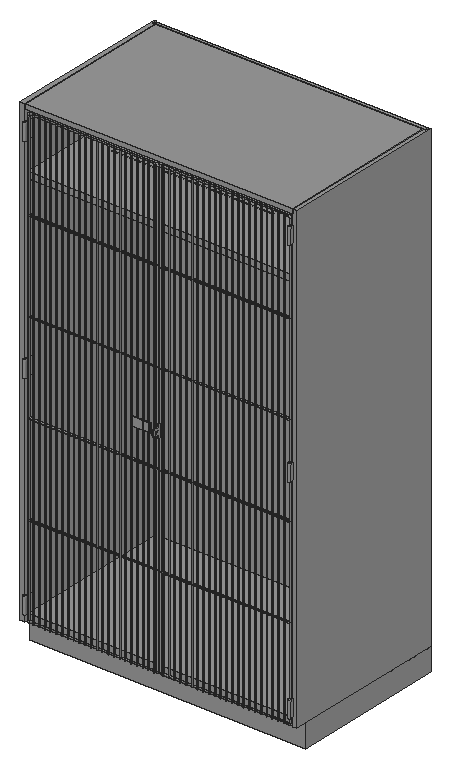
Revit family "TMI_M3101-Music_WireDoors1", category Casework, Revit 2016
Family settings
  OmniClass Number = 23.40.35.14.11
  OmniClass Title = Modular Casework
  Work Plane-Based = No
  Always vertical = Yes
  Cut with Voids When Loaded = No
  Shared = No
  Room Calculation Point = No
Parameters (values of type "48" x 84-1/2" x 29"")
  URL = "www.tmisystems.com"
  Toe Kick Height = 4"
  Toe Kick Depth = 2"
  Shelf Thickness = 1 1/8"
  Model = "M3101"
  Manufacturer = "TMI Systems Corporation"
  Interior Finish = none
  Filler Width (Left) [instance] = 3"
  Filler Right [instance] = no
  Filler Left [instance] = no
  Filler Width (Right) [instance] = 3"
  Description = "Uniforms and Accessories"
  Depth = 29"
  Height = 84 1/2"
  Width = 48"
  Casework Thickness = 3/4"
  Casework Back Thickness = 1/2"
  Cabinet Finish = Plastic Laminate
  Assembly Code = ""
Types (2): name | Depth
  48" x 84-1/2" x 29" | 29"
  48" x 84-1/2" x 23" | 23"
Reference planes (in)
  plane 1 "Back": y = 15
  plane 2: z = 0
  plane 3 "Center (Left/Right)": x = 0.7377
  plane 4 "Left": x = -23.2623
  plane 5 "Right": x = 24.7377
  plane 6 "Front": y = -14
  plane 7 "Top": z = 84.5
  plane 8: y = 14.375
  plane 9: x = -22.5123
  plane 10: x = 23.9877
  plane 11: z = 83.75
  plane 12: y = 14.875
  plane 13: y = -12
  plane 14: z = 4
  plane 15: z = 5.125
  plane 16: y = -13.61906
  plane 17: y = -11.25
  plane 18: y = -13.25
  plane 19: y = -13.49461
  plane 20: z = 42.25
  plane 21: z = 83.25
  plane 22: x = 24.3627
  plane 23: x = -22.8873
  plane 24: z = 73.875
  plane 25: y = -13.60344
  plane 26: y = 5.375
  plane 27: z = 69.25
  plane 28: x = -22.3873
  plane 29: x = 23.8627
  plane 30: z = 42.5625
  plane 31: z = 41.0625
  plane 32: x = -0.5748
  plane 33: x = -3.7623
  plane 34: y = -14.125
Forms (in)
  Extrusion 1, solid, material "Plastic Laminate" <- "Cabinet Finish"
    sketch origin (0, 0.21844, 0) x (1, 0, 0) y (0, 1, 0)
      loop
        line (-23.2623, 14.78156) -> (-23.2623, -14.21844) -> (-22.5123, -14.21844) -> (-22.5123, 14.15656) -> (-22.88677, 14.15656) -> (-22.88677, 14.78156) -> (-23.2623, 14.78156)
      loop
        line (24.36077, 14.78156) -> (24.36077, 14.15656) -> (23.9877, 14.15656) -> (23.9877, -14.21844) -> (24.7377, -14.21844) -> (24.7377, 14.78156) -> (24.36077, 14.78156)
    from 4 to 84.5
  Extrusion 2, solid, material "Plastic Laminate" <- "Cabinet Finish"
    sketch origin (0.84915, 11.94613, -1.44731) x (1, 0, 0) y (0, 0, 1)
      loop
        line (-23.36145, 6.57231) -> (-23.36145, 5.44731) -> (23.13855, 5.44731) -> (23.13855, 6.57231) -> (-23.36145, 6.57231)
    from -2.42887 to 25.54956
  Extrusion 3, solid, material "Plastic Laminate" <- "Cabinet Finish"
    sketch origin (0, 0, 0) x (1, 0, 0) y (0, 1, 0)
      loop
        line (-22.88677, 14.875) -> (-22.88677, 14.375) -> (24.36077, 14.375) -> (24.36077, 14.875) -> (-22.88677, 14.875)
    from 84.5 to 4
  Extrusion 4, solid, material "Plastic Laminate" <- "Cabinet Finish", visible <- "Filler Right"
    sketch origin (0, -14, 0) x (1, 0, 0) y (0, 0, 1)
      loop
        line (24.7377, 84.5) -> (24.7377, 4) -> (27.7377, 4) -> (27.7377, 84.5) -> (24.7377, 84.5)
    from -0.75 to 0
  Extrusion 5, solid, material "Plastic Laminate" <- "Cabinet Finish", visible <- "Filler Left"
    sketch origin (0, -14, 0) x (1, 0, 0) y (0, 0, 1)
      loop
        line (-26.2623, 84.5) -> (-26.2623, 4) -> (-23.2623, 4) -> (-23.2623, 84.5) -> (-26.2623, 84.5)
    from -0.75 to 0
  Extrusion 6, solid, material "Wood"
    sketch origin (0, 0, 0) x (1, 0, 0) y (0, 0, 1)
      loop
        line (24.7377, 4) -> (-23.2623, 4) -> (-23.2623, 0) -> (24.7377, 0) -> (24.7377, 4)
    from -15 to 12
  Extrusion 7, solid, material "Wood", visible <- "Filler Right"
    sketch origin (0, 0, 0) x (1, 0, 0) y (0, 0, 1)
      loop
        line (27.7377, 4) -> (24.7377, 4) -> (24.7377, 0) -> (27.7377, 0) -> (27.7377, 4)
    from 11.25 to 12
  Extrusion 8, solid, material "Wood", visible <- "Filler Left"
    sketch origin (0, 0, 0) x (1, 0, 0) y (0, 0, 1)
      loop
        line (-23.2623, 4) -> (-26.2623, 4) -> (-26.2623, 0) -> (-23.2623, 0) -> (-23.2623, 4)
    from 11.25 to 12
  Extrusion 9, solid, material "Plastic Laminate" <- "Cabinet Finish"
    sketch origin (0, -14, 0) x (1, 0, 0) y (0, 0, 1)
      loop
        line (-22.5123, 72.75) -> (23.9877, 72.75) -> (23.9877, 73.875) -> (-22.5123, 73.875) -> (-22.5123, 72.75)
    from -28.375 to -0.50539
  Extrusion 10, solid, material "Plastic Laminate" <- "Cabinet Finish"
    sketch origin (0, 15, 0) x (1, 0, 0) y (0, 0, 1)
      loop
        line (-22.5123, 84.5) -> (-22.5123, 83.75) -> (23.9877, 83.75) -> (23.9877, 84.5) -> (-22.5123, 84.5)
    from 0.625 to 29
  Extrusion 11, solid, material "Steel, Chrome"
    sketch origin (-23.2623, 0, 0) x (0, -1, 0) y (0, 0, 1)
      loop
        circle (-5.375, 69.25) r 0.5625
    from -47.25 to -0.75
  Extrusion 12, solid, material "Steel, Chrome"
    sketch origin (-23.2623, 0, 0) x (0, -1, 0) y (0, 0, 1)
      loop
        arc (-5.24454, 70.33318) -> (-5.375, 70.39022) -> (-5.50546, 70.33318) r 0.17773
        line (-5.50546, 70.33318) -> (-6.063, 69.5425)
        arc (-6.063, 69.5425) -> (-6.1437, 69.25) -> (-6.063, 68.9575) r 0.5704
        line (-6.063, 68.9575) -> (-5.50546, 68.13092)
        arc (-5.50546, 68.13092) -> (-5.375, 68.07388) -> (-5.24454, 68.13092) r 0.17773
        line (-5.24454, 68.13092) -> (-4.687, 68.9575)
        arc (-4.687, 68.9575) -> (-4.6063, 69.25) -> (-4.687, 69.5425) r 0.5704
        line (-4.687, 69.5425) -> (-5.24454, 70.33318)
      loop
        circle (-5.375, 70.13902) r 0.125
      loop
        circle (-5.375, 68.36098) r 0.125
      loop
        circle (-5.375, 69.25) r 0.5625
    from -0.875 to -0.75
  Extrusion 13, solid, material "Steel, Chrome"
    sketch origin (14.2377, 0, 0) x (0, -1, 0) y (0, 0, -1)
      loop
        line (-5.24454, -70.33318) -> (-4.687, -69.5425)
        arc (-4.687, -69.5425) -> (-4.6063, -69.25) -> (-4.687, -68.9575) r 0.5704
        line (-4.687, -68.9575) -> (-5.24454, -68.13092)
        arc (-5.24454, -68.13092) -> (-5.375, -68.07388) -> (-5.50546, -68.13092) r 0.17773
        line (-5.50546, -68.13092) -> (-6.063, -68.9575)
        arc (-6.063, -68.9575) -> (-6.1437, -69.25) -> (-6.063, -69.5425) r 0.5704
        line (-6.063, -69.5425) -> (-5.50546, -70.33318)
        arc (-5.50546, -70.33318) -> (-5.375, -70.39022) -> (-5.24454, -70.33318) r 0.17773
      loop
        circle (-5.375, -70.13902) r 0.125
      loop
        circle (-5.375, -68.36098) r 0.125
      loop
        circle (-5.375, -69.25) r 0.5625
    from 9.625 to 9.75
  Extrusion 14, solid
    sketch origin (0, -14, 0) x (1, 0, 0) y (0, 0, 1)
      loop
        line (-3.7623, 42.5625) -> (-3.7623, 41.0625) -> (-0.5748, 41.0625) -> (-0.5748, 42.5625) -> (-3.7623, 42.5625)
    from 0 to 0.125
Lines and regions (in)
  Masking region 1
    outline origin (44.5, 0, 0) x (1, 0, 0) y (0, 1, 0)
      loop
        line (-67.7623, 15) -> (-67.7623, -14) -> (-19.7623, -14) -> (-19.7623, 15) -> (-67.7623, 15)
  Masking region 2, visible <- "Filler Left"
    outline origin (0, 0, 0) x (1, 0, 0) y (0, 1, 0)
      loop
        line (-26.2623, -13.25) -> (-26.2623, -14) -> (-23.2623, -14) -> (-23.2623, -13.25) -> (-26.2623, -13.25)
  Masking region 3, visible <- "Filler Right"
    outline origin (0, 0, 0) x (1, 0, 0) y (0, 1, 0)
      loop
        line (24.7377, -13.25) -> (24.7377, -14) -> (27.7377, -14) -> (27.7377, -13.25) -> (24.7377, -13.25)
  symbolic lines, style "CaseworkHiddenLines"
    curve 1: line (-0.1998, -14, 0) -> (-0.3248, -14, 0)
    curve 2: line (1.9252, -14, 0) -> (2.0502, -14, 0)
Dimensions and locks (in)
  "Width": plane 4 "Left" to plane 5 "Right"
  equal spacing: plane 4 "Left", plane 3 "Center (Left/Right)", plane 5 "Right"
  "Casework Thickness": plane 4 "Left" to plane 9
  "Casework Thickness": plane 10 to plane 5 "Right"
  "Casework Thickness": plane 7 "Top" to plane 11
  "Filler Width (Right)": plane 5 "Right" to Extrusion 4
  "Filler Width (Left)": Extrusion 5 to plane 4 "Left"
  "Depth": plane 6 "Front" to plane 1 "Back"
  locked: plane 12 to plane 1 "Back" at 0.125
  "Toe Kick Depth": plane 13 to plane 6 "Front"
  "Toe Kick Height": plane 14 to level
  "Height": plane 7 "Top" to level
  locked: plane 6 "Front" to plane 16 at 0.38094
  locked: plane 6 "Front" to plane 18 at 0.75
  locked: plane 17 to plane 13 at 0.75
  plane 16 to plane 19 = 0.12445"
  equal spacing: plane 7 "Top", plane 20, plane 2
  locked: plane 11 to plane 21 at 0.5
  "Shelf Thickness": plane 15 to plane 14
  equal spacing: plane 4 "Left", plane 23, plane 9
  equal spacing: plane 10, plane 22, plane 5 "Right"
  "Casework Back Thickness": plane 12 to plane 8
  equal spacing: plane 23, plane 3 "Center (Left/Right)", plane 22
  "Shelf Thickness": plane 24 to Extrusion 9
  locked: plane 16 to plane 25 at 0.01562
  locked: plane 11 to plane 24 at 9.875
  locked: plane 1 "Back" to plane 26 at 9.625
  locked: plane 27 to plane 7 "Top" at 15.25
  plane 26 to Extrusion 12 sketch curve = 0.688"
  locked: plane 28 to plane 9 at 0.125
  locked: plane 29 to plane 10 at 0.125
  locked: plane 30 to plane 14 at 38.5625
  locked: plane 30 to plane 31 at 1.5
  locked: plane 3 "Center (Left/Right)" to plane 32 at 1.3125
  locked: plane 33 to plane 32 at 3.1875
  locked: plane 34 to plane 6 "Front" at 0.125
  aligned and locked: plane 2 to level
  aligned and locked: Extrusion 1 sketch curve to plane 4 "Left"
  aligned and locked: Extrusion 1 sketch curve to plane 9
  aligned and locked: Extrusion 1 sketch curve to plane 10
  aligned and locked: Extrusion 1 sketch curve to plane 5 "Right"
  aligned and locked: plane 1 "Back" to Extrusion 1
  aligned and locked: Extrusion 1 to plane 1 "Back"
  aligned and locked: Extrusion 3 sketch curve to plane 8
  aligned and locked: Extrusion 1 to plane 7 "Top"
  aligned and locked: plane 7 "Top" to Extrusion 4 sketch curve
  aligned and locked: Extrusion 4 sketch curve to plane 5 "Right"
  aligned and locked: Extrusion 5 sketch curve to plane 7 "Top"
  aligned and locked: Extrusion 7 to Extrusion 6
  aligned and locked: Extrusion 8 to Extrusion 6
  aligned and locked: plane 14 to Extrusion 8
  aligned and locked: Extrusion 6 to plane 14
  aligned and locked: Extrusion 7 to plane 14
  aligned and locked: plane 14 to Extrusion 4
  aligned and locked: Extrusion 5 to plane 14
  aligned and locked: Extrusion 1 to plane 14
  aligned and locked: Extrusion 2 to plane 14
  aligned and locked: Extrusion 2 to plane 15
  aligned and locked: Extrusion 6 to Extrusion 1
  aligned and locked: Masking region 1 sketch curve to plane 1 "Back"
  aligned and locked: Extrusion 8 to plane 13
  aligned and locked: Extrusion 9 to plane 8
  aligned and locked: plane 4 "Left" to Masking region 2 sketch curve
  aligned and locked: Masking region 3 sketch curve to plane 5 "Right"
  aligned and locked: plane 6 "Front" to Extrusion 1  (x2)
  aligned and locked: plane 6 "Front" to Extrusion 4
  aligned and locked: plane 6 "Front" to Extrusion 5
  aligned and locked: Extrusion 7 to plane 17
  aligned and locked: Extrusion 4 to plane 18
  aligned and locked: plane 18 to Extrusion 5
  aligned and locked: plane 17 to Extrusion 8
  aligned and locked: Extrusion 8 to Extrusion 5
  aligned and locked: Masking region 2 to Extrusion 5
  aligned and locked: plane 18 to Masking region 2
  aligned and locked: Extrusion 4 to Extrusion 7
  aligned and locked: Masking region 3 to Extrusion 4
  aligned and locked: Masking region 3 to plane 18
  aligned and locked: Extrusion 2 to plane 9
  aligned and locked: Extrusion 9 to plane 19
  aligned and locked: Extrusion 2 to plane 10
  aligned and locked: Extrusion 10 sketch curve to plane 11
  aligned and locked: plane 9 to Extrusion 10 sketch curve
  aligned and locked: Extrusion 10 sketch curve to plane 10
  aligned and locked: plane 6 "Front" to Extrusion 10
  aligned and locked: plane 9 to Extrusion 1
  aligned and locked: plane 6 "Front" to Masking region 1
  aligned and locked: Extrusion 10 to plane 7 "Top"
  aligned and locked: Extrusion 10 to plane 8
  aligned and locked: Extrusion 3 to Extrusion 1  (x2)
  aligned and locked: plane 8 to Extrusion 2
  aligned and locked: Extrusion 3 to plane 14
  aligned and locked: Extrusion 3 to plane 7 "Top"
  aligned and locked: plane 10 to Extrusion 9 sketch curve
  aligned and locked: Extrusion 9 sketch curve to plane 9
  aligned and locked: Extrusion 9 sketch curve to plane 24
  aligned and locked: Extrusion 2 to plane 25
  aligned and locked: plane 10 to Extrusion 11
  aligned and locked: Extrusion 11 to plane 9
  aligned and locked: Extrusion 12 to plane 9
  aligned and locked: plane 28 to Extrusion 12
  aligned and locked: Extrusion 13 to plane 29  (x2)
  aligned and locked: plane 10 to Extrusion 13
  aligned and locked: plane 21 to nested 1
  aligned and locked: plane 9 to nested 1
  aligned and locked: nested 2 to plane 21
  aligned and locked: nested 2 to plane 10
  aligned and locked: nested 1 to plane 6 "Front"
  aligned and locked: plane 6 "Front" to nested 2
  aligned and locked: Extrusion 14 to plane 6 "Front"
  aligned and locked: Extrusion 14 to plane 34
  aligned and locked: plane 33 to Extrusion 14
  aligned and locked: plane 32 to Extrusion 14
  aligned and locked: Extrusion 14 to plane 30
  aligned and locked: Extrusion 14 to plane 31
Automatic sketch dimensions
  curve 1 to level = 0"
  curve 2 to level = 0"
  curve 1 to plane 3 "Center (Left/Right)" = 1 1/16"
  curve 1 to curve 1 = 1/8"
  plane 3 "Center (Left/Right)" to curve 2 = 1 3/16"
  curve 2 to curve 2 = 1/8"
  plane 1 "Back" to Extrusion 1 sketch curve = 0"  (x2)
  Extrusion 1 sketch curve to plane 8 = 0"  (x2)
  plane 6 "Front" to Extrusion 1 sketch curve = 0"  (x2)
  Extrusion 1 sketch curve to plane 23 = 0.00052"
  plane 22 to Extrusion 1 sketch curve = 0.00194"
  Extrusion 2 sketch curve to plane 9 = 0"
  plane 10 to Extrusion 2 sketch curve = 0"
  Extrusion 2 sketch curve to plane 14 = 0"
  Extrusion 2 sketch curve to plane 15 = 0"
  Extrusion 3 sketch curve to plane 12 = 0"
  Extrusion 3 sketch curve to plane 23 = 0.00052"
  plane 22 to Extrusion 3 sketch curve = 0.00194"
  Extrusion 4 sketch curve to plane 14 = 0"
  Extrusion 4 sketch curve to plane 5 "Right" = 3"
  Extrusion 5 sketch curve to plane 14 = 0"
  plane 4 "Left" to Extrusion 5 sketch curve = 0"
  Extrusion 5 sketch curve to Extrusion 5 sketch curve = 3"
  plane 4 "Left" to Extrusion 6 sketch curve = 0"
  Extrusion 6 sketch curve to level = 0"
  plane 5 "Right" to Extrusion 6 sketch curve = 0"
  Extrusion 6 sketch curve to plane 14 = 0"
  plane 5 "Right" to Extrusion 7 sketch curve = 0"
  Extrusion 7 sketch curve to level = 0"
  Extrusion 7 sketch curve to plane 14 = 0"
  Extrusion 7 sketch curve to plane 5 "Right" = 3"
  Extrusion 8 sketch curve to plane 14 = 0"
  Extrusion 8 sketch curve to level = 0"
  plane 4 "Left" to Extrusion 8 sketch curve = 0"
  Extrusion 8 sketch curve to Extrusion 8 sketch curve = 3"
  Masking region 1 sketch curve to plane 4 "Left" = 0"
  Masking region 1 sketch curve to plane 5 "Right" = 0"
  plane 6 "Front" to Masking region 1 sketch curve = 0"
  Extrusion 9 sketch curve to plane 24 = 1 1/8"
  plane 6 "Front" to Masking region 2 sketch curve = 0"
  plane 18 to Masking region 2 sketch curve = 0"
  plane 4 "Left" to Masking region 2 sketch curve = 3"
  plane 6 "Front" to Masking region 3 sketch curve = 0"
  plane 18 to Masking region 3 sketch curve = 0"
  Masking region 3 sketch curve to Masking region 3 sketch curve = 3"
  Extrusion 10 sketch curve to plane 7 "Top" = 0"
  Extrusion 11 sketch curve to plane 26 = 0"
  Extrusion 11 sketch curve to plane 27 = 0"
  Extrusion 12 sketch curve to plane 27 = 0"  (x3)
  Extrusion 12 sketch curve to plane 26 = 0"  (x5)
  Extrusion 12 sketch curve to plane 26 = 0.13046"  (x2)
  Extrusion 12 sketch curve to Extrusion 12 sketch curve = 0.1983"
  plane 27 to Extrusion 12 sketch curve = 0.2925"  (x2)
  Extrusion 12 sketch curve to Extrusion 12 sketch curve = 0.48969"  (x2)
  Extrusion 12 sketch curve to plane 27 = 0.2925"
  plane 26 to Extrusion 12 sketch curve = 0.13046"  (x2)
  plane 26 to Extrusion 12 sketch curve = 0.1983"
  Extrusion 12 sketch curve to plane 27 = 0.88902"
  Extrusion 12 sketch curve to Extrusion 12 sketch curve = 7/64"
  Extrusion 12 sketch curve to Extrusion 12 sketch curve = 0.12069"  (x2)
  Extrusion 12 sketch curve to Extrusion 12 sketch curve = 0.88902"
  Extrusion 12 sketch curve to Extrusion 12 sketch curve = 0.07347"
  Extrusion 13 sketch curve to plane 27 = 0"  (x3)
  Extrusion 13 sketch curve to plane 26 = 0"  (x5)
  Extrusion 13 sketch curve to plane 26 = 0.13046"  (x2)
  Extrusion 13 sketch curve to Extrusion 13 sketch curve = 0.1983"
  plane 27 to Extrusion 13 sketch curve = 0.2925"  (x2)
  Extrusion 13 sketch curve to Extrusion 13 sketch curve = 0.48969"  (x2)
  Extrusion 13 sketch curve to plane 27 = 0.2925"  (x2)
  plane 26 to Extrusion 13 sketch curve = 0.13046"  (x2)
  plane 26 to Extrusion 13 sketch curve = 0.1983"
  plane 27 to Extrusion 13 sketch curve = 0.88902"
  Extrusion 13 sketch curve to Extrusion 13 sketch curve = 0.07347"
  Extrusion 13 sketch curve to Extrusion 13 sketch curve = 0.12069"  (x2)
  Extrusion 13 sketch curve to Extrusion 13 sketch curve = 0.88902"
  Extrusion 13 sketch curve to Extrusion 13 sketch curve = 7/64"
  Extrusion 14 sketch curve to plane 31 = 1 1/2"
  plane 31 to Extrusion 14 sketch curve = 0"
  plane 5 "Right" to Extrusion 14 sketch curve = 28 1/2"
  Extrusion 14 sketch curve to Extrusion 14 sketch curve = 3 3/16"
  radius of Extrusion 11 sketch curve = 9/16"
  radius of Extrusion 12 sketch curve = 1/8"  (x2)
  radius of Extrusion 12 sketch curve = 9/16"
  radius of Extrusion 13 sketch curve = 1/8"  (x2)
  radius of Extrusion 13 sketch curve = 9/16"
Nested families (in)
  nested 1: "Full Height Wire Grille Door 48in Wide (2 Doors)" at (-10.76315, -13.76369, 4), type "Full Height Wire Grille Door 48in Wide (2 Doors)"
    with Number of Verticle Bars 22, Bar Spacing 1"
  nested 2: "Full Height Wire Grille Door 48in Wide (2 Doors)" at (12.23856, -13.76369, 4) x (-1, 0, 0) z (0, 0, 1), type "Full Height Wire Grille Door 48in Wide (2 Doors)"
    with Number of Verticle Bars 22, Bar Spacing 1"
Definition of nested family "Full Height Wire Grille Door 48in Wide (2 Doors)"
  Parameters (values of type "Full Height Wire Grille Door 48in Wide (2 Doors)")
    Width = 22 1/2"
    Pull height from Bottom of Casework = 37 13/16"
    Number of Verticle Bars [instance] = (Width / Bar Spacing) - 1  # 22
    Height = 79 1/4"
    Distance of Hinge from Edge of Casework = 2 13/16"
    Bar Spacing [instance] = 1"
  Reference planes (in)
    plane 1 "Center (Front/Back)": y = 0
    plane 2: z = 0
    plane 3 "Center (Left/Right)": x = 0
    plane 4: x = -11.37415
    plane 5: x = -11.12585
    plane 6: z = 79.25
    plane 7: z = 79
    plane 8: z = 79.125
    plane 9: x = -11.25
    plane 10: x = 11.38138
    plane 11: x = 11.11862
    plane 12: x = 11.25
    plane 13: z = 0.25
    plane 14: z = 0.125
    plane 15: y = -0.125
    plane 16: z = 39.625
    plane 17: z = 47.525
    plane 18: z = 63.325
    plane 19: z = 31.725
    plane 20: z = 15.925
    plane 21: y = -0.17188
    plane 22: x = -10.25
    plane 23: y = 0.28516
    plane 24: y = -0.23631
    plane 25: z = 37.8125
    plane 26: z = 2.8125
    plane 27: z = 76.4375
    plane 28: z = 38.9375
    plane 29: x = -10.25
    plane 30: y = -0.17188
    plane 31: x = -9.25
    plane 32: y = -0.17188
    plane 33: x = -8.25
    plane 34: y = -0.17188
    plane 35: x = -7.25
    plane 36: y = -0.17188
    plane 37: x = -6.25
    plane 38: y = -0.17188
    plane 39: x = -5.25
    plane 40: y = -0.17188
    plane 41: x = -4.25
    plane 42: y = -0.17188
    plane 43: x = -3.25
    plane 44: y = -0.17188
    plane 45: x = -2.25
    plane 46: y = -0.17188
    plane 47: x = -1.25
    plane 48: y = -0.17188
    plane 49: x = -0.25
    plane 50: y = -0.17188
    plane 51: x = 0.75
    plane 52: y = -0.17188
    plane 53: x = 1.75
    plane 54: y = -0.17188
    plane 55: x = 2.75
    plane 56: y = -0.17188
    plane 57: x = 3.75
    plane 58: y = -0.17188
    plane 59: x = 4.75
    plane 60: y = -0.17188
    plane 61: x = 5.75
    plane 62: y = -0.17188
    plane 63: x = 6.75
    plane 64: y = -0.17188
    plane 65: x = 7.75
    plane 66: y = -0.17188
    plane 67: x = 8.75
    plane 68: y = -0.17188
    plane 69: x = 9.75
    plane 70: y = -0.17188
    plane 71: x = 10.75
    plane 72: y = -0.17188
  Forms (in)
    Sweep 1, solid
      path origin (0, 0, 0) x (1, 0, 0) y (0, 0, 1)
        loop
          arc (-11, 79.125) -> (-11.17678, 79.05178) -> (-11.25, 78.875) r 0.25
          line (-11.25, 78.875) -> (-11.25, 0.375)
          arc (-11.25, 0.375) -> (-11.17678, 0.19822) -> (-11, 0.125) r 0.25
          line (-11, 0.125) -> (11, 0.125)
          arc (11, 0.125) -> (11.17678, 0.19822) -> (11.25, 0.375) r 0.25
          line (11.25, 0.375) -> (11.25, 78.875)
          arc (11.25, 78.875) -> (11.17678, 79.05178) -> (11, 79.125) r 0.25
          line (11, 79.125) -> (-11, 79.125)
      profile "4 Circle : 4 Circle" origin (0, 0, 79.125) x (0, 0, 1) y (0, -1, 0)
        loop
          circle (0, 0) r 0.125
    Extrusion 2, solid
      sketch origin (0, 0, 0) x (0, 1, 0) y (0, 0, 1)
        loop
          circle (0, 63.325) r 0.125
        loop
          circle (0, 47.525) r 0.125
        loop
          circle (0, 15.925) r 0.125
        loop
          circle (0, 31.725) r 0.125
      from -11.25 to 11.25
    Extrusion 3, solid
      sketch origin (0, 0, 0) x (1, 0, 0) y (0, 1, 0)
        loop
          circle (-10.25, -0.17188) r 0.06444
      from 0 to 79.25
    Extrusion 4, solid
      sketch origin (1, 0, 0) x (1, 0, 0) y (0, 1, 0)
        loop
          circle (-10.25, -0.17188) r 0.06444
      from 0 to 79.25
    Extrusion 5, solid
      sketch origin (2, 0, 0) x (1, 0, 0) y (0, 1, 0)
        loop
          circle (-10.25, -0.17188) r 0.06444
      from 0 to 79.25
    Extrusion 6, solid
      sketch origin (3, 0, 0) x (1, 0, 0) y (0, 1, 0)
        loop
          circle (-10.25, -0.17188) r 0.06444
      from 0 to 79.25
    Extrusion 7, solid
      sketch origin (4, 0, 0) x (1, 0, 0) y (0, 1, 0)
        loop
          circle (-10.25, -0.17188) r 0.06444
      from 0 to 79.25
    Extrusion 8, solid
      sketch origin (5, 0, 0) x (1, 0, 0) y (0, 1, 0)
        loop
          circle (-10.25, -0.17188) r 0.06444
      from 0 to 79.25
    Extrusion 9, solid
      sketch origin (6, 0, 0) x (1, 0, 0) y (0, 1, 0)
        loop
          circle (-10.25, -0.17188) r 0.06444
      from 0 to 79.25
    Extrusion 10, solid
      sketch origin (7, 0, 0) x (1, 0, 0) y (0, 1, 0)
        loop
          circle (-10.25, -0.17188) r 0.06444
      from 0 to 79.25
    Extrusion 11, solid
      sketch origin (8, 0, 0) x (1, 0, 0) y (0, 1, 0)
        loop
          circle (-10.25, -0.17188) r 0.06444
      from 0 to 79.25
    Extrusion 12, solid
      sketch origin (9, 0, 0) x (1, 0, 0) y (0, 1, 0)
        loop
          circle (-10.25, -0.17188) r 0.06444
      from 0 to 79.25
    Extrusion 13, solid
      sketch origin (10, 0, 0) x (1, 0, 0) y (0, 1, 0)
        loop
          circle (-10.25, -0.17188) r 0.06444
      from 0 to 79.25
    Extrusion 14, solid
      sketch origin (11, 0, 0) x (1, 0, 0) y (0, 1, 0)
        loop
          circle (-10.25, -0.17188) r 0.06444
      from 0 to 79.25
    Extrusion 15, solid
      sketch origin (12, 0, 0) x (1, 0, 0) y (0, 1, 0)
        loop
          circle (-10.25, -0.17188) r 0.06444
      from 0 to 79.25
    Extrusion 16, solid
      sketch origin (13, 0, 0) x (1, 0, 0) y (0, 1, 0)
        loop
          circle (-10.25, -0.17188) r 0.06444
      from 0 to 79.25
    Extrusion 17, solid
      sketch origin (14, 0, 0) x (1, 0, 0) y (0, 1, 0)
        loop
          circle (-10.25, -0.17188) r 0.06444
      from 0 to 79.25
    Extrusion 18, solid
      sketch origin (15, 0, 0) x (1, 0, 0) y (0, 1, 0)
        loop
          circle (-10.25, -0.17188) r 0.06444
      from 0 to 79.25
    Extrusion 19, solid
      sketch origin (16, 0, 0) x (1, 0, 0) y (0, 1, 0)
        loop
          circle (-10.25, -0.17188) r 0.06444
      from 0 to 79.25
    Extrusion 20, solid
      sketch origin (17, 0, 0) x (1, 0, 0) y (0, 1, 0)
        loop
          circle (-10.25, -0.17188) r 0.06444
      from 0 to 79.25
    Extrusion 21, solid
      sketch origin (18, 0, 0) x (1, 0, 0) y (0, 1, 0)
        loop
          circle (-10.25, -0.17188) r 0.06444
      from 0 to 79.25
    Extrusion 22, solid
      sketch origin (19, 0, 0) x (1, 0, 0) y (0, 1, 0)
        loop
          circle (-10.25, -0.17188) r 0.06444
      from 0 to 79.25
    Extrusion 23, solid
      sketch origin (20, 0, 0) x (1, 0, 0) y (0, 1, 0)
        loop
          circle (-10.25, -0.17188) r 0.06444
      from 0 to 79.25
    Extrusion 24, solid
      sketch origin (21, 0, 0) x (1, 0, 0) y (0, 1, 0)
        loop
          circle (-10.25, -0.17188) r 0.06444
      from 0 to 79.25
  Lines and regions (in)
    model lines
      curve 1: line (11.27951, 0, 79.125) -> (-11.25002, 0, 39.625)
      curve 2: line (-11.25002, 0, 39.625) -> (11.25, 0, 0.125)
  Dimensions and locks (in)
    locked: plane 6 to plane 7 at 0.25
    equal spacing: plane 6, plane 8, plane 7
    equal spacing: plane 4, plane 9, plane 5
    locked: plane 4 to plane 5 at 0.24829
    equal spacing: plane 10, plane 12, plane 11
    plane 10 to plane 11 = 0.26276"
    equal spacing: plane 13, plane 14, plane 2
    locked: plane 13 to plane 2 at 0.25
    equal spacing: plane 12, plane 3 "Center (Left/Right)", plane 9
    locked: plane 15 to plane 1 "Center (Front/Back)" at 0.125
    "Width": plane 12 to plane 9
    "Height": plane 6 to plane 2
    plane 8 to plane 14 = 79"
    equal spacing: plane 8, plane 18, plane 17, plane 19, plane 20, plane 14
    "Bar Spacing": plane 9 to plane 22
    locked: plane 15 to plane 21 at 0.04688
    plane 1 "Center (Front/Back)" to plane 23 = 73/256"
    locked: plane 21 to plane 24 at 0.06444
    "Pull height from Bottom of Casework": plane 25 to plane 2
    "Distance of Hinge from Edge of Casework": plane 6 to plane 27
    "Distance of Hinge from Edge of Casework": plane 26 to plane 2
    equal spacing: plane 6, plane 16, level
    locked: plane 28 to plane 25 at 1.125
    equal spacing: group 1, group 2, group 3, group 4, group 5, group 6, group 7, group 8, group 9, group 10, group 11, group 12, group 13, group 14, group 15, group 16, group 17, group 18, group 19, group 20, group 21, group 22  (x3)
    aligned and locked: plane 2 to level
    aligned and locked: Sweep 1 sketch curve to plane 12
    aligned and locked: Sweep 1 sketch curve to plane 8
    aligned and locked: plane 9 to Sweep 1 sketch curve
    aligned and locked: plane 14 to Sweep 1 sketch curve
    aligned and locked: Extrusion 2 to plane 12
    aligned and locked: Extrusion 2 to plane 9
    aligned and locked: nested 1 to plane 10
    aligned and locked: plane 23 to nested 1
    aligned and locked: plane 10 to nested 1
    aligned and locked: nested 2 to plane 4
    aligned and locked: plane 24 to nested 2
    aligned and locked: nested 2 to plane 27
    aligned and locked: nested 3 to plane 4
    aligned and locked: plane 24 to nested 3
    aligned and locked: nested 3 to plane 26
    aligned and locked: nested 4 to plane 4
    aligned and locked: nested 4 to plane 16
    aligned and locked: plane 24 to nested 4
    aligned and locked: nested 1 to plane 28
    aligned and locked: Extrusion 3 to level
    aligned and locked: plane 6 to Extrusion 3
  Automatic sketch dimensions
    plane 5 to Sweep 1 sketch curve = 0.12585"
    Sweep 1 sketch curve to Sweep 1 sketch curve = 1/4"  (x2)
    plane 11 to Sweep 1 sketch curve = 0.11862"
    Extrusion 2 sketch curve to plane 1 "Center (Front/Back)" = 0"  (x4)
    Extrusion 2 sketch curve to plane 20 = 0"
    Extrusion 2 sketch curve to plane 19 = 0"
    Extrusion 2 sketch curve to plane 17 = 0"
    Extrusion 2 sketch curve to plane 18 = 0"
    curve 2 to plane 16 = 0"
    plane 12 to curve 2 = 0"
    curve 1 to plane 8 = 0"
    curve 2 to plane 14 = 0"
    curve 2 to plane 9 = 0"
    curve 1 to plane 12 = 0.02951"
    Extrusion 3 sketch curve to plane 29 = 0"
    Extrusion 3 sketch curve to plane 30 = 0"
    Extrusion 4 sketch curve to plane 31 = 0"
    Extrusion 4 sketch curve to plane 32 = 0"
    Extrusion 5 sketch curve to plane 33 = 0"
    Extrusion 5 sketch curve to plane 34 = 0"
    Extrusion 6 sketch curve to plane 35 = 0"
    Extrusion 6 sketch curve to plane 36 = 0"
    Extrusion 7 sketch curve to plane 37 = 0"
    Extrusion 7 sketch curve to plane 38 = 0"
    Extrusion 8 sketch curve to plane 39 = 0"
    Extrusion 8 sketch curve to plane 40 = 0"
    Extrusion 9 sketch curve to plane 41 = 0"
    Extrusion 9 sketch curve to plane 42 = 0"
    Extrusion 10 sketch curve to plane 43 = 0"
    Extrusion 10 sketch curve to plane 44 = 0"
    Extrusion 11 sketch curve to plane 45 = 0"
    Extrusion 11 sketch curve to plane 46 = 0"
    Extrusion 12 sketch curve to plane 47 = 0"
    Extrusion 12 sketch curve to plane 48 = 0"
    Extrusion 13 sketch curve to plane 49 = 0"
    Extrusion 13 sketch curve to plane 50 = 0"
    Extrusion 14 sketch curve to plane 51 = 0"
    Extrusion 14 sketch curve to plane 52 = 0"
    Extrusion 15 sketch curve to plane 53 = 0"
    Extrusion 15 sketch curve to plane 54 = 0"
    Extrusion 16 sketch curve to plane 55 = 0"
    Extrusion 16 sketch curve to plane 56 = 0"
    Extrusion 17 sketch curve to plane 57 = 0"
    Extrusion 17 sketch curve to plane 58 = 0"
    Extrusion 18 sketch curve to plane 59 = 0"
    Extrusion 18 sketch curve to plane 60 = 0"
    Extrusion 19 sketch curve to plane 61 = 0"
    Extrusion 19 sketch curve to plane 62 = 0"
    Extrusion 20 sketch curve to plane 63 = 0"
    Extrusion 20 sketch curve to plane 64 = 0"
    Extrusion 21 sketch curve to plane 65 = 0"
    Extrusion 21 sketch curve to plane 66 = 0"
    Extrusion 22 sketch curve to plane 67 = 0"
    Extrusion 22 sketch curve to plane 68 = 0"
    Extrusion 23 sketch curve to plane 69 = 0"
    Extrusion 23 sketch curve to plane 70 = 0"
    Extrusion 24 sketch curve to plane 71 = 0"
    Extrusion 24 sketch curve to plane 72 = 0"
    radius of Extrusion 2 sketch curve = 1/8"  (x4)
    radius of Extrusion 3 sketch curve = 0.06444"
    radius of Extrusion 4 sketch curve = 0.06444"
    radius of Extrusion 5 sketch curve = 0.06444"
    radius of Extrusion 6 sketch curve = 0.06444"
    radius of Extrusion 7 sketch curve = 0.06444"
    radius of Extrusion 8 sketch curve = 0.06444"
    radius of Extrusion 9 sketch curve = 0.06444"
    radius of Extrusion 10 sketch curve = 0.06444"
    radius of Extrusion 11 sketch curve = 0.06444"
    radius of Extrusion 12 sketch curve = 0.06444"
    radius of Extrusion 13 sketch curve = 0.06444"
    radius of Extrusion 14 sketch curve = 0.06444"
    radius of Extrusion 15 sketch curve = 0.06444"
    radius of Extrusion 16 sketch curve = 0.06444"
    radius of Extrusion 17 sketch curve = 0.06444"
    radius of Extrusion 18 sketch curve = 0.06444"
    radius of Extrusion 19 sketch curve = 0.06444"
    radius of Extrusion 20 sketch curve = 0.06444"
    radius of Extrusion 21 sketch curve = 0.06444"
    radius of Extrusion 22 sketch curve = 0.06444"
    radius of Extrusion 23 sketch curve = 0.06444"
    radius of Extrusion 24 sketch curve = 0.06444"
  Nested families (in)
    nested 1: "Pad Lock" at (11.38138, -0.33984, 37.8125), type "Pad Lock"
    nested 2: "5k hinge (music)" at (-11.5929, 0.76369, 75.03125) x (-1, 0, 0) z (0, 0, 1), type "5k hinge (music)"
      with Width 16"
    nested 3: "5k hinge (music)" at (-11.5929, 0.76369, 1.40625) x (-1, 0, 0) z (0, 0, 1), type "5k hinge (music)"
      with Width 16"
    nested 4: "5k hinge (music)" at (-11.5929, 0.76369, 38.21875) x (-1, 0, 0) z (0, 0, 1), type "5k hinge (music)"
      with Width 16"
  Definition of nested family "Pad Lock"
    Reference planes (in)
      plane 1 "Center (Front/Back)": y = 0
      plane 2: z = 0
      plane 3 "Center (Left/Right)": x = 0
      plane 4: z = 1.125
      plane 5: z = -1.125
      plane 6: y = -1.125
      plane 7: y = 0.625
      plane 8: y = -0.5625
      plane 9: x = 0.0625
    Forms (in)
      Extrusion 1, solid
        sketch origin (0, 0.00036, 0.01611) x (0, 0, 1) y (0, -1, 0)
          loop
            line (0.98389, 0) -> (0.56967, 0) -> (0.56967, 0.56286)
            arc (0.56967, 0.56286) -> (0, 1.13253) -> (-0.56967, 0.56286) r 0.56967
            line (-0.56967, 0.56286) -> (-0.56967, 0) -> (-1.01611, 0)
            arc (-1.01611, 0) -> (-1.1045, -0.03661) -> (-1.14111, -0.125) r 0.125
            line (-1.14111, -0.125) -> (-1.14111, -0.62464) -> (1.10889, -0.62464) -> (1.10889, -0.125)
            arc (1.10889, -0.125) -> (1.07227, -0.03661) -> (0.98389, 0) r 0.125
          loop
            circle (0, 0.56286) r 0.375
        from 0 to 0.0625
    Dimensions and locks (in)
      locked: plane 4 to plane 5 at 2.25
      locked: plane 6 to plane 7 at 1.75
      locked: plane 9 to plane 3 "Center (Left/Right)" at 0.0625
      equal spacing: plane 1 "Center (Front/Back)", plane 8, plane 6
      locked: plane 7 to plane 1 "Center (Front/Back)" at 0.625
      equal spacing: plane 5, plane 2, plane 4
      aligned and locked: plane 2 to level
      aligned and locked: plane 9 to Extrusion 1
    Automatic sketch dimensions
      Extrusion 1 sketch curve to Extrusion 1 sketch curve = 0"  (x2)
      Extrusion 1 sketch curve to plane 5 = 0"
      Extrusion 1 sketch curve to plane 8 = 0"
      plane 4 to Extrusion 1 sketch curve = 0"
      Extrusion 1 sketch curve to plane 7 = 0"
      Extrusion 1 sketch curve to plane 1 "Center (Front/Back)" = 0.00036"
      plane 5 to Extrusion 1 sketch curve = 1/8"
      Extrusion 1 sketch curve to level = 0.55355"
      level to Extrusion 1 sketch curve = 0.01611"
      Extrusion 1 sketch curve to Extrusion 1 sketch curve = 1/8"
      Extrusion 1 sketch curve to plane 1 "Center (Front/Back)" = 0.12536"
      radius of Extrusion 1 sketch curve = 3/8"
  Definition of nested family "5k hinge (music)"
    Parameters (values of type "5k hinge (music)")
      door thickness = 1"
      Width [instance] = 16"
      Hinge Distance from Door = 9/16"
      5K hinge size = 2 13/16"
    Reference planes (in)
      plane 1 "Center (Front/Back)": y = 0
      plane 2: z = 0
      plane 3 "Center (Left/Right)": x = 0
      plane 4: x = -0.15625
      plane 5: y = -1
      plane 6: y = -0.5
      plane 7: y = -1.5625
      plane 8: y = -1.28125
      plane 9: x = 0.15625
      plane 10: z = 2.8125
      plane 11: z = 1.40625
      plane 12: x = -0.21875
    Forms (in)
      Extrusion 1, solid
        sketch origin (-8.15625, 0, 0) x (1, 0, 0) y (0, 1, 0)
          loop
            line (8.15625, -1) -> (8.15625, -1.04949)
            arc (8.15625, -1.04949) -> (7.85521, -1.421) -> (8.3125, -1.28125) r 0.25
            line (8.3125, -1.28125) -> (8.3125, 0) -> (8.15625, 0) -> (7.9375, 0) -> (7.9375, -1) -> (8.15625, -1)
        from 0 to 2.8125
    Dimensions and locks (in)
      equal spacing: plane 1 "Center (Front/Back)", plane 6, plane 5
      "Hinge Distance from Door": plane 5 to plane 7
      equal spacing: plane 5, plane 8, plane 7
      "5K hinge size": plane 10 to plane 2
      "door thickness": plane 1 "Center (Front/Back)" to plane 5
      equal spacing: plane 10, plane 11, plane 2
      equal spacing: plane 4, plane 3 "Center (Left/Right)", plane 9
      plane 4 to plane 9 = 5/16"
      plane 12 to plane 4 = 1/16"
      aligned and locked: plane 2 to level
      aligned and locked: plane 5 to Extrusion 1 sketch curve
      aligned and locked: Extrusion 1 to plane 10
      aligned and locked: plane 9 to Extrusion 1
      aligned and locked: Extrusion 1 to plane 2
      aligned and locked: plane 12 to Extrusion 1 sketch curve
    Automatic sketch dimensions
      Extrusion 1 sketch curve to plane 8 = 0"
      plane 1 "Center (Front/Back)" to Extrusion 1 sketch curve = 0"
      Extrusion 1 sketch curve to plane 9 = 0"
      plane 4 to Extrusion 1 sketch curve = 1/16"
      Extrusion 1 sketch curve to plane 3 "Center (Left/Right)" = 0"  (x2)
